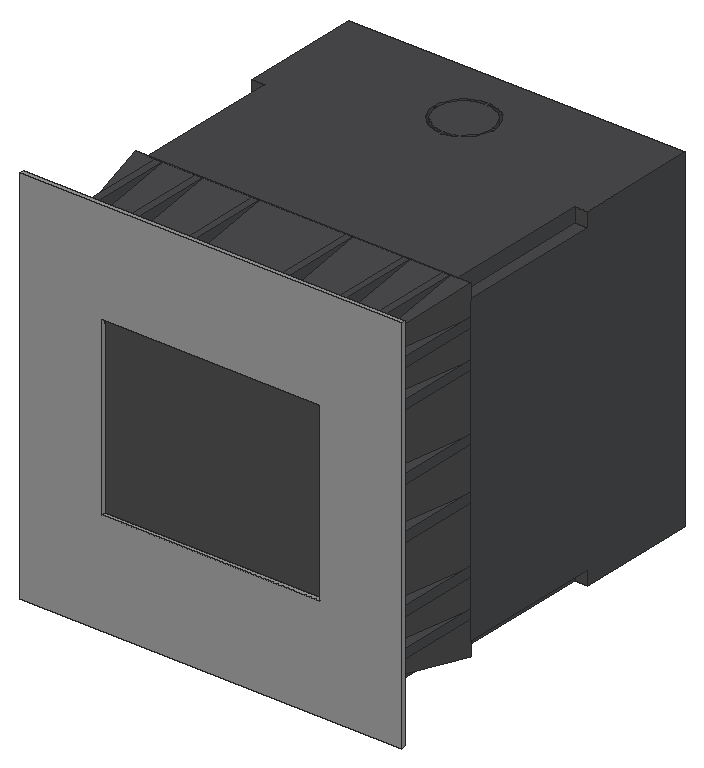
Revit family "WALL STAIR LIGHT_CM5W.1", category Luminarias, Revit 2019
Family settings
  Cota de conector redondo = Diámetro de uso
  Tipo de pieza = Normal
  Se basa en plano de trabajo = Sí
  Siempre vertical = No
  Corte con vacíos al cargar = No
  Origen de luz = Sí
  Compartido = No
  Punto de cálculo de habitación = No
Parameters (values of type "WALL STAIR LIGHT_CM5W.1")
  Ángulo de inclinación = 60.00°
  Zone [instance] = ""
  Watt per fixture = 6.8
  Wattage = 6.8 W
  built-in parameter 1150107 = 3000 (stored number, unit not read)
  built-in parameter 1150110 = 1 (stored number, unit not read)
  built-in parameter 1150109 = 1 (stored number, unit not read)
  built-in parameter 1150112 = 1 (stored number, unit not read)
  built-in parameter 1150113 = 1 (stored number, unit not read)
  built-in parameter 1114218 = 1 (stored number, unit not read)
  Keynote = ""
  built-in parameter 1150137 = (empty or 0)
  built-in parameter 1150132 = (empty or 0)
  Modelo = "CM5W.1"
  Lámpara = "SMD 3030"
  Longitud [instance] = 1000 mm
  built-in parameter 1150105 = 7.8301 (stored number, unit not read)
  built-in parameter 1150102 = (empty or 0)
  built-in parameter 1150106 = 0.078301 (stored number, unit not read)
  Lumens = 98.396 lm
  Color Filter = 16777215
  built-in parameter 1114217 = 1 (stored number, unit not read)
  built-in parameter 1150139 = (empty or 0)
  Fabricante = "BRILLANT"
  Default Elevation = 0 mm
  built-in parameter 1150104 = 1.3443 (stored number, unit not read)
  Descripción = "LUMINARIA TIPO RECTANGULAR PARA EMPOTRAR EN MURO CON CUERPO DE ALUMINIO FUNDIDO A PRESION CUBIERTO CON POLVO GRIS OSCURO, IP 65 USO PARA INTERIORES O EXTERIORES CON CUERPO DE 0.9KG, CUENTA CON 10 LED SMD3030 CON UNA POTENCIA TOTAL DE 6.8W, A UNA TEMPERATURA EN BLANCO CALIDO 3000K CON 112.9 LUMENES, EFICIENCIA DE 14.47LM/W, IRC 80, IK10, APERTURA A 120 GRADOS EN STOCK, 90mA EN CORRIENTE DE OPERACIÓN, ALIMENTADA A 100-240V."
  built-in parameter 1150115 = 1 (stored number, unit not read)
  built-in parameter 1150114 = 1 (stored number, unit not read)
  Comentarios de vataje = "100-240V"
  built-in parameter 1150138 = (empty or 0)
  built-in parameter 1150134 = (empty or 0)
  Circuit [instance] = ""
  Dimming Lamp Color Temperature Shift = (empty or 0)
  Archivo de red fotométrica = "CM5W.1.IES"
  built-in parameter 1150133 = 10 (stored number, unit not read)
Reference planes
  plane 1 "Centro (Frontal/Posterior)": y = 0
  plane 2: z = 0
  plane 3 "Centro (Izquierda/Derecha)": x = 0
Forms (mm)
  Extrusion 1, solid, material "Acabado Blanco"
    sketch origin (0, 0, 0) x (1, 0, 0) y (0, 0, 1)
      loop
        line (-50, 100) -> (-50, 0) -> (50, 0) -> (50, 100) -> (-50, 100)
      loop
        line (-28.71, 73.301) -> (-28.71, 27.289) -> (28.71, 27.289) -> (28.71, 73.301) -> (-28.71, 73.301)
    from -1.076 to 0
  Extrusion 2, solid
    sketch origin (-5.531, 0, 17.605) x (0, 0, 1) y (0, -1, 0)
      loop
        line (6.199, -1.076) -> (57.195, -27.06) -> (57.195, -1.076) -> (55.695, -1.076) -> (55.695, -24.521) -> (9.683, -1.076) -> (6.199, -1.076)
    from -23.179 to 34.242
  Extrusion 3, solid, material "Plastico"
    sketch origin (0, 0, 0) x (1, 0, 0) y (0, 0, 1)
      loop
        arc (-25.773, 76.345) -> (-28.911, 75.045) -> (-30.21, 71.908) r 4.437
        line (-30.21, 71.908) -> (-30.21, 26.741)
        arc (-30.21, 26.741) -> (-28.911, 23.604) -> (-25.773, 22.305) r 4.437
        line (-25.773, 22.305) -> (-9.415, 22.305) -> (-9.415, 19.826) -> (-6.449, 19.826) -> (-6.449, 22.305) -> (-4.708, 22.305) -> (-4.708, 19.826) -> (-1.741, 19.826) -> (-1.741, 22.305) -> (1.741, 22.305) -> (1.741, 19.826) -> (4.708, 19.826) -> (4.708, 22.305) -> (6.449, 22.305) -> (6.449, 19.826) -> (9.415, 19.826) -> (9.415, 22.305) -> (25.773, 22.305)
        arc (25.773, 22.305) -> (28.911, 23.604) -> (30.21, 26.741) r 4.437
        line (30.21, 26.741) -> (30.21, 71.908)
        arc (30.21, 71.908) -> (28.911, 75.045) -> (25.773, 76.345) r 4.437
        line (25.773, 76.345) -> (9.415, 76.345) -> (9.415, 78.824) -> (6.449, 78.824) -> (6.449, 76.345) -> (4.708, 76.345) -> (4.708, 78.824) -> (1.741, 78.824) -> (1.741, 76.345) -> (-1.741, 76.345) -> (-1.741, 78.824) -> (-4.708, 78.824) -> (-4.708, 76.345) -> (-6.449, 76.345) -> (-6.449, 78.824) -> (-9.415, 78.824) -> (-9.415, 76.345) -> (-25.773, 76.345)
      loop
        arc (-28.71, 26.741) -> (-27.85, 24.665) -> (-25.773, 23.805) r 2.937
        line (-25.773, 23.805) -> (25.773, 23.805)
        arc (25.773, 23.805) -> (27.85, 24.665) -> (28.71, 26.741) r 2.937
        line (28.71, 26.741) -> (28.71, 71.908)
        arc (28.71, 71.908) -> (27.85, 73.984) -> (25.773, 74.845) r 2.937
        line (25.773, 74.845) -> (-25.773, 74.845)
        arc (-25.773, 74.845) -> (-27.85, 73.984) -> (-28.71, 71.908) r 2.937
        line (-28.71, 71.908) -> (-28.71, 26.741)
    from -1.076 to -92.06
  Extrusion 4, solid, material "Acero Inoxidable"
    sketch origin (0, 0, 0) x (1, 0, 0) y (0, 1, 0)
      loop
        line (-30.21, 90.975) -> (-31.01, 90.975) -> (-31.01, 34.176)
        arc (-31.01, 34.176) -> (-33.361, 28.186) -> (-31.01, 22.196) r 8.807
        line (-31.01, 22.196) -> (-31.01, 7.519) -> (-30.21, 7.519) -> (-30.21, 22.519)
        arc (-30.21, 22.519) -> (-32.561, 28.186) -> (-30.21, 33.854) r 8.007
        line (-30.21, 33.854) -> (-30.21, 90.975)
      loop
        line (30.21, 90.975) -> (30.21, 33.854)
        arc (30.21, 33.854) -> (32.561, 28.186) -> (30.21, 22.519) r 8.007
        line (30.21, 22.519) -> (30.21, 7.519) -> (31.01, 7.519) -> (31.01, 22.196)
        arc (31.01, 22.196) -> (33.361, 28.186) -> (31.01, 34.176) r 8.807
        line (31.01, 34.176) -> (31.01, 90.975) -> (30.21, 90.975)
    from 35.297 to 68.669
  Extrusion 5, solid
    sketch origin (0, 0, 0) x (1, 0, 0) y (0, 0, 1)
      loop
        circle (25.773, 71.908) r 1.863
      loop
        circle (-25.773, 71.908) r 1.863
      loop
        circle (25.773, 26.741) r 1.863
      loop
        circle (-25.773, 26.741) r 1.863
    from -95.579 to -93.578
  Extrusion 6, solid, material "Plastico"
    sketch origin (0, 0, 0) x (1, 0, 0) y (0, 0, 1)
      loop
        arc (-25.773, 76.345) -> (-28.911, 75.045) -> (-30.21, 71.908) r 4.437
        line (-30.21, 71.908) -> (-30.21, 26.741)
        arc (-30.21, 26.741) -> (-28.911, 23.604) -> (-25.773, 22.305) r 4.437
        line (-25.773, 22.305) -> (-9.415, 22.305) -> (-9.415, 19.826) -> (-6.449, 19.826) -> (-6.449, 22.305) -> (-4.708, 22.305) -> (-4.708, 19.826) -> (-1.741, 19.826) -> (-1.741, 22.305) -> (1.741, 22.305) -> (1.741, 19.826) -> (4.708, 19.826) -> (4.708, 22.305) -> (6.449, 22.305) -> (6.449, 19.826) -> (9.415, 19.826) -> (9.415, 22.305) -> (25.773, 22.305)
        arc (25.773, 22.305) -> (28.911, 23.604) -> (30.21, 26.741) r 4.437
        line (30.21, 26.741) -> (30.21, 71.908)
        arc (30.21, 71.908) -> (28.911, 75.045) -> (25.773, 76.345) r 4.437
        line (25.773, 76.345) -> (9.415, 76.345) -> (9.415, 78.824) -> (6.449, 78.824) -> (6.449, 76.345) -> (4.708, 76.345) -> (4.708, 78.824) -> (1.741, 78.824) -> (1.741, 76.345) -> (-1.741, 76.345) -> (-1.741, 78.824) -> (-4.708, 78.824) -> (-4.708, 76.345) -> (-6.449, 76.345) -> (-6.449, 78.824) -> (-9.415, 78.824) -> (-9.415, 76.345) -> (-25.773, 76.345)
    from -93.578 to -92.06
  Extrusion 7, solid, material "Plastico"
    sketch origin (0, 0, 0) x (1, 0, 0) y (0, 0, 1)
      loop
        line (-44, 94) -> (-44, 6) -> (44, 6) -> (44, 94) -> (-44, 94)
    from -6.072 to -1.076
  Extrusion 8, solid, material "Plastico"
    sketch origin (0, 0, 0) x (1, 0, 0) y (0, 0, 1)
      loop
        line (-44, 94) -> (-44, 6) -> (44, 6) -> (44, 94) -> (-44, 94)
    from -100.256 to -30.254
  Blend 9, solid, material "Plastico"
    base sketch origin (0, 0, 0) x (1, 0, 0) y (0, 0, 1)
      loop
        line (-40, 90) -> (-40, 10) -> (40, 10) -> (40, 90) -> (-40, 90)
    top sketch origin (0, 0, 0) x (1, 0, 0) y (0, 0, 1)
      loop
        line (-44, 94) -> (-44, 6) -> (44, 6) -> (44, 94) -> (-44, 94)
    from -6.072 to -30.254
  Extrusion 10, void
    sketch origin (0, 0, 0) x (1, 0, 0) y (0, 1, 0)
      loop
        arc (-0.352, 91.013) -> (-5.634, 88.687) -> (-7.96, 83.404) r 7.968
        line (-7.96, 83.404) -> (-7.159, 83.404)
        arc (-7.159, 83.404) -> (-5.068, 88.121) -> (-0.352, 90.212) r 7.168
        line (-0.352, 90.212) -> (-0.352, 91.013)
      loop
        line (0.352, 91.013) -> (0.352, 90.212)
        arc (0.352, 90.212) -> (5.068, 88.121) -> (7.159, 83.404) r 7.168
        line (7.159, 83.404) -> (7.96, 83.404)
        arc (7.96, 83.404) -> (5.634, 88.687) -> (0.352, 91.013) r 7.968
      loop
        line (-0.352, 75.093) -> (-0.352, 75.894)
        arc (-0.352, 75.894) -> (-5.068, 77.984) -> (-7.159, 82.701) r 7.168
        line (-7.159, 82.701) -> (-7.96, 82.701)
        arc (-7.96, 82.701) -> (-5.634, 77.419) -> (-0.352, 75.093) r 7.968
      loop
        arc (0.352, 75.093) -> (5.634, 77.419) -> (7.96, 82.701) r 7.968
        line (7.96, 82.701) -> (7.159, 82.701)
        arc (7.159, 82.701) -> (5.068, 77.984) -> (0.352, 75.894) r 7.168
        line (0.352, 75.894) -> (0.352, 75.093)
    from 6 to 10
  Extrusion 11, void
    sketch origin (0, 0, 100) x (0, -1, 0) y (1, 0, 0)
      loop
        arc (-91.013, -0.352) -> (-88.687, -5.634) -> (-83.404, -7.96) r 7.968
        line (-83.404, -7.96) -> (-83.404, -7.159)
        arc (-83.404, -7.159) -> (-88.121, -5.068) -> (-90.212, -0.352) r 7.168
        line (-90.212, -0.352) -> (-91.013, -0.352)
      loop
        line (-91.013, 0.352) -> (-90.212, 0.352)
        arc (-90.212, 0.352) -> (-88.121, 5.068) -> (-83.404, 7.159) r 7.168
        line (-83.404, 7.159) -> (-83.404, 7.96)
        arc (-83.404, 7.96) -> (-88.687, 5.634) -> (-91.013, 0.352) r 7.968
      loop
        line (-75.093, -0.352) -> (-75.894, -0.352)
        arc (-75.894, -0.352) -> (-77.984, -5.068) -> (-82.701, -7.159) r 7.168
        line (-82.701, -7.159) -> (-82.701, -7.96)
        arc (-82.701, -7.96) -> (-77.419, -5.634) -> (-75.093, -0.352) r 7.968
      loop
        arc (-75.093, 0.352) -> (-77.419, 5.634) -> (-82.701, 7.96) r 7.968
        line (-82.701, 7.96) -> (-82.701, 7.159)
        arc (-82.701, 7.159) -> (-77.984, 5.068) -> (-75.894, 0.352) r 7.168
        line (-75.894, 0.352) -> (-75.093, 0.352)
    from -10 to -6
  Extrusion 12, solid, material "Plastico"
    sketch origin (30.703, 0, 0) x (0, 1, 0) y (0, 0, -1)
      loop
        line (30.254, -94) -> (6.072, -90.049) -> (6.072, -94) -> (30.254, -94)
      loop
        line (30.254, -6) -> (6.072, -6) -> (6.072, -9.951) -> (30.254, -6)
    from -7.992 to -6.214
  Extrusion 13, solid, material "Plastico"
    sketch origin (0, 0, -0.45) x (0, 1, 0) y (-1, 0, 0)
      loop
        line (6.072, 44) -> (6.072, 40) -> (30.254, 44) -> (6.072, 44)
      loop
        line (6.072, -44) -> (30.254, -44) -> (6.072, -40) -> (6.072, -44)
    from 83.915 to 86.364
  Extrusion 14, solid, material "Plastico"
    sketch origin (20.156, 0, 0) x (0, 1, 0) y (0, 0, -1)
      loop
        line (30.254, -94) -> (6.072, -90.049) -> (6.072, -94) -> (30.254, -94)
      loop
        line (30.254, -6) -> (6.072, -6) -> (6.072, -9.951) -> (30.254, -6)
    from -7.992 to -6.214
  Extrusion 15, solid, material "Plastico"
    sketch origin (5.156, 0, 0) x (0, 1, 0) y (0, 0, -1)
      loop
        line (30.254, -94) -> (6.072, -90.049) -> (6.072, -94) -> (30.254, -94)
      loop
        line (30.254, -6) -> (6.072, -6) -> (6.072, -9.951) -> (30.254, -6)
    from -7.992 to -6.214
  Extrusion 16, solid, material "Plastico"
    sketch origin (-30.703, 0, 0) x (0, 1, 0) y (0, 0, 1)
      loop
        line (30.254, 94) -> (6.072, 94) -> (6.072, 90.049) -> (30.254, 94)
      loop
        line (30.254, 6) -> (6.072, 9.951) -> (6.072, 6) -> (30.254, 6)
    from -7.992 to -6.214
  Extrusion 17, solid, material "Plastico"
    sketch origin (-20.156, 0, 0) x (0, 1, 0) y (0, 0, 1)
      loop
        line (30.254, 94) -> (6.072, 94) -> (6.072, 90.049) -> (30.254, 94)
      loop
        line (30.254, 6) -> (6.072, 9.951) -> (6.072, 6) -> (30.254, 6)
    from -7.992 to -6.214
  Extrusion 18, solid, material "Plastico"
    sketch origin (-5.156, 0, 0) x (0, 1, 0) y (0, 0, 1)
      loop
        line (30.254, 94) -> (6.072, 94) -> (6.072, 90.049) -> (30.254, 94)
      loop
        line (30.254, 6) -> (6.072, 9.951) -> (6.072, 6) -> (30.254, 6)
    from -7.992 to -6.214
  Extrusion 19, solid, material "Plastico"
    sketch origin (0, 0, -10.45) x (0, 1, 0) y (-1, 0, 0)
      loop
        line (6.072, 44) -> (6.072, 40) -> (30.254, 44) -> (6.072, 44)
      loop
        line (6.072, -44) -> (30.254, -44) -> (6.072, -40) -> (6.072, -44)
    from 83.915 to 86.364
  Extrusion 20, solid, material "Plastico"
    sketch origin (0, 0, -27.853) x (0, 1, 0) y (-1, 0, 0)
      loop
        line (6.072, 44) -> (6.072, 40) -> (30.254, 44) -> (6.072, 44)
      loop
        line (6.072, -44) -> (30.254, -44) -> (6.072, -40) -> (6.072, -44)
    from 83.915 to 86.364
  Extrusion 21, solid, material "Plastico"
    sketch origin (0, 0, -68.925) x (-1, 0, 0) y (0, -1, 0)
      loop
        line (44, -6.072) -> (40, -6.072) -> (44, -30.254) -> (44, -6.072)
      loop
        line (-44, -6.072) -> (-44, -30.254) -> (-40, -6.072) -> (-44, -6.072)
    from 83.915 to 86.364
  Extrusion 22, solid, material "Plastico"
    sketch origin (0, 0, -58.925) x (-1, 0, 0) y (0, -1, 0)
      loop
        line (44, -6.072) -> (40, -6.072) -> (44, -30.254) -> (44, -6.072)
      loop
        line (-44, -6.072) -> (-44, -30.254) -> (-40, -6.072) -> (-44, -6.072)
    from 83.915 to 86.364
  Extrusion 23, solid, material "Plastico"
    sketch origin (0, 0, -41.522) x (-1, 0, 0) y (0, -1, 0)
      loop
        line (44, -6.072) -> (40, -6.072) -> (44, -30.254) -> (44, -6.072)
      loop
        line (-44, -6.072) -> (-44, -30.254) -> (-40, -6.072) -> (-44, -6.072)
    from 83.915 to 86.364
  Extrusion 24, void
    sketch origin (0, 0, 0) x (1, 0, 0) y (0, 0, 1)
      loop
        line (-44, 94) -> (-44, 90.097) -> (-40.686, 90.097) -> (-40.686, 94) -> (-44, 94)
      loop
        line (44, 94) -> (40.686, 94) -> (40.686, 90.097) -> (44, 90.097) -> (44, 94)
      loop
        line (-44, 6) -> (-40.686, 6) -> (-40.686, 9.903) -> (-44, 9.903) -> (-44, 6)
      loop
        line (44, 6) -> (44, 9.903) -> (40.686, 9.903) -> (40.686, 6) -> (44, 6)
    from -68.418 to -30.254
Cuts and joins
  joined: Extrusion 3, Extrusion 6
  Extrusion 10, Extrusion 11, Extrusion 24 cuts Extrusion 8
  Extrusion 24 cuts Extrusion 1
Dimensions and locks
  locked: Extrusion 6 to Extrusion 6 at 1.518
  aligned and locked: level to plane 2
  aligned and locked: Extrusion 3 to Extrusion 6
Connectors
  electrical at (0, 100.256, 50)
    settings: on cut or joined group of Extrusion 8, Extrusion 10, Extrusion 11, Extrusion 24, index 1, voltage 240 V, apparent load 0 VA, apparent load phase1 0 VA, apparent load phase2 0 VA, apparent load phase3 0 VA, power factor 1, load classification "Otro", number of poles 1, system type 31, power factor state 1, is connector primary yes, connector utility no, sub classification motor no, connector description ""
